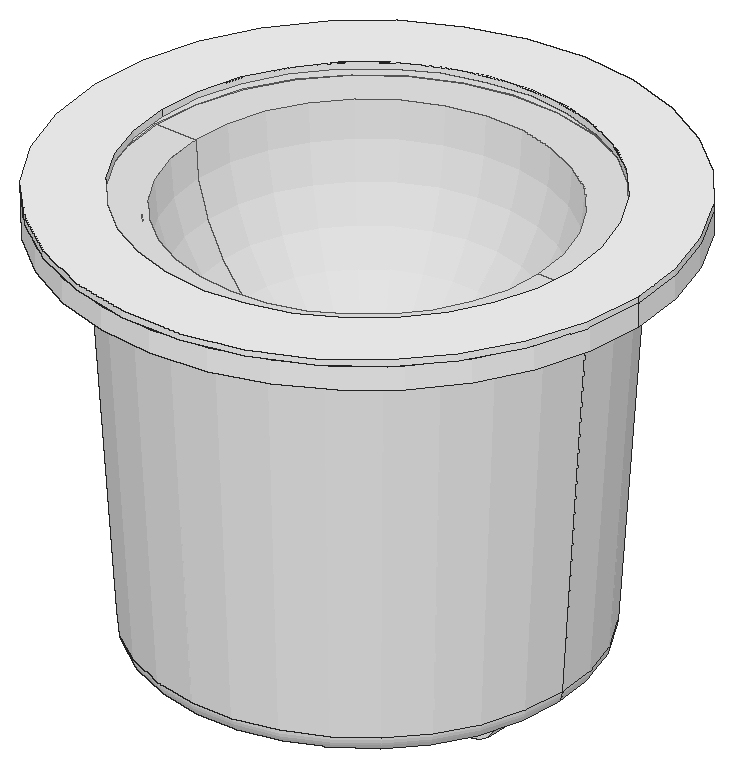
Revit family "2058875 Feilo Sylvania Lighting Fixture MYRD IP FL 3K DALIEM WHT WBEZ", category Lighting Fixtures, host Face, Revit 2017
Family settings
  Host = Face
  Round Connector Dimension = Use Diameter
  Part Type = Normal
  OmniClass Number = 23.80.70.11.17
  OmniClass Title = Specialized Lighting by Location or Use
  Cut with Voids When Loaded = No
  Light Source = Yes
  Shared = No
  Room Calculation Point = No
Parameters
  Weight = "1.44 kg"
  Wattage = 15 W
  WarrantyStartDate [instance] = "n/a"
  WarrantyGuarantorParts = "n/a"
  WarrantyDurationUnit = "n/a"
  WarrantyDurationParts = "n/a"
  WarrantyDescription = "n/a"
  built-in parameter 1150110 = 1 (stored number, unit not read)
  Voltage = 230 V
  URL = "http://www.sylvania-lighting.com"
  TypeName = "MYRD IP FL 3K DALIEM WHT WBEZ"
  Type Image = 0
  Type Comments = ""
  built-in parameter 1114217 = 1 (stored number, unit not read)
  Tilt Angle = -90°
  built-in parameter 1150109 = 1 (stored number, unit not read)
  built-in parameter 1150134 = (empty or 0)
  built-in parameter 1150113 = 1 (stored number, unit not read)
  SerialNumber [instance] = "n/a"
  Reflector Radius = Cutout Diameter / 2 - 2.5 mm  # 35.0 mm
  Reflector Material = Aluminum_Sylvania_Myriad_Bright
  Recessed Depth = Height  # 72.0 mm
  PowerFactor = 0
  PowerConsumption = "15 W"
  Photometric Web File = ""
  NominalWidth = 0.0 mm
  NominalLength = 76.0 mm
  NominalHeight = 72.0 mm
  Name = "MYRD IP FL 3K DALIEM WHT WBEZ"
  ModelReference = "MYRD IP FL 3K DALIEM WHT WBEZ"
  ModelNumber = "2058875"
  Material = "Aluminium"
  ManufacturerName = "Feilo Sylvania"
  LuminousEfficacy = "50 lm/W"
  LuminaireType = "Ceiling recessed"
  LightOutputRatio = "1"
  LampsType = Lamp  # "LED"
  LampNominalLuminous = "790 lm"
  LampMacAdamStep = "n/a"
  LampColourTemperature = "3000 K"
  LampColourRenderingIndex = "n/a"
  Keynote = "16500"
  Keynote_2 = "16500"
  InstallationDate [instance] = "n/a"
  InputVoltage = "230-240V~"
  InputNominalFrequency = "50/60 Hz"
  IngressProtection = "IP65"
  ImpactProtectionIndex = "IK02"
  IfcExportType = "IfcLightFixtureType"
  IfcExportAs = "IfcLightFixtureType"
  Height = 72.0 mm  # constant formula
  ExpectedLife = 50000
  Emit from Circle Diameter = Accessory Inner Diameter 2  # 68.0 mm
  Emit Shape Visible in Rendering = no
  ElectricShockClassification = "Class II"
  DurationUnit = "hours"
  DocumentationLiterature = "http://www.sylvania-lighting.com/product/en-int/products/2058875"
  DimmingControlOptions = "Dimmable"
  Diffuser Material = Glass_Sylvania_Myriad_Clear_4000K
  Diffuser Diameter = Cutout Diameter  # 75.0 mm
  Cutout Diameter = 75.0 mm  # constant formula
  CreatedOn = "03-11-2017"
  CreatedBy = ""
  Cost = 0
  built-in parameter 1114216 [instance] = 1 (stored number, unit not read)
  built-in parameter 1150142 = (empty or 0)
  Model = "MYRD IP FL 3K DALIEM WHT WBEZ"
  Manufacturer = "Feilo Sylvania"  # constant formula
  built-in parameter 1150105 = 59.683 (stored number, unit not read)
  Lumens = 750 lm
  built-in parameter 1150115 = 1 (stored number, unit not read)
  built-in parameter 1150137 = (empty or 0)
  built-in parameter 1150139 = (empty or 0)
  built-in parameter 1150112 = 1 (stored number, unit not read)
  built-in parameter 1150114 = 1 (stored number, unit not read)
  Lamp = "LED"
  built-in parameter 1150132 = (empty or 0)
  built-in parameter 1150102 = (empty or 0)
  built-in parameter 1150107 = 3000 (stored number, unit not read)
  built-in parameter 1150138 = (empty or 0)
  built-in parameter 1150106 = 0.59683 (stored number, unit not read)
  built-in parameter 1150104 = 4.6452 (stored number, unit not read)
  Dimming Lamp Color Temperature Shift = (empty or 0)
  Description = "Supplied complete with electronic control gear Compact Fluorescent low energy downlight Emergency version passes through the cut out Ideal for low level orientation lighting New range of Architectural accessories each providing a different lit dimension New completely flush plaster up accessory ring for clean ceiling lines and smooth finish Order lamp separately"  # constant formula
  Default Elevation = 0.0 mm
  Color Filter = 16777215
  built-in parameter 1140040 [instance] = 1
  Body Radius = Reflector Radius + 1.5 mm  # 36.5 mm
  Body Material = Aluminum_Sylvania_Myriad_Gray
  BarCode [instance] = "n/a"
  built-in parameter 1114218 = 1 (stored number, unit not read)
  built-in parameter 1150133 = 10 (stored number, unit not read)
  AssetType = "Fixed"
  AssetIdentifier [instance] = "n/a"
  Assembly Code = "D5020200"
  Apparent Load = 15 VA
  Accessory Material = Aluminum_Sylvania_Myriad_White
  Accessory Inner Diameter 2 = Accessory Diameter - 22.0 mm  # 68.0 mm
  Accessory Inner Diameter 1 = Accessory Diameter - 2.0 mm  # 88.0 mm
  Accessory Diameter = Cutout Diameter + 15.0 mm  # 90.0 mm
Reference planes
  plane 1 "Center (Front/Back)": y = 0
  plane 2: z = 0
  plane 3 "Center (Left/Right)": x = 0
  plane 4: z = 2
  plane 5 "Fixture Bottom": z = 4.5
  plane 6: z = -28.5
  plane 7: z = -61.5
  plane 8 "Fixture Top": z = -67.5
  plane 9: z = 3.5
Forms (mm)
  Revolve 1, solid, material "Aluminum_Sylvania_Myriad_Bright" <- "Reflector Material", detail levels fine
    sketch origin (0, 0, 0) x (1, 0, 0) y (0, 0, 1)
      loop
        line (0, -27.515) -> (-6, -27.515)
        arc (-6, -27.515) -> (-22.333, -16.632) -> (-28.5, 2) r 30.135
        line (-28.5, 2) -> (-35, 2) -> (-35, 0) -> (-29.184, 0)
        arc (-29.184, 0) -> (-22.423, -18.18) -> (-6, -28.5) r 30.204
        line (-6, -28.5) -> (0, -28.5) -> (0, -27.515)
      axis (0, -28.5) -> (0, 2)
    angle from 0 to 360
  Revolve 2, solid, material "Aluminum_Sylvania_Myriad_Gray" <- "Body Material", detail levels fine
    sketch origin (0, 0, 0) x (1, 0, 0) y (0, 0, 1)
      loop
        line (-44, 2) -> (-44, 0) -> (-36.5, 0) -> (-32.42, -58.708)
        arc (-32.42, -58.708) -> (-31.474, -60.694) -> (-29.428, -61.5) r 3
        line (-29.428, -61.5) -> (0, -61.5) -> (0, -28.5) -> (-6, -28.5)
        arc (-6, -28.5) -> (-22.423, -18.18) -> (-29.184, 0) r 30.204
        line (-29.184, 0) -> (-35, 0) -> (-35, 2) -> (-44, 2)
      axis (0, 2) -> (0, -61.5)
    angle from 0 to 360
  Extrusion 3, solid, material "Aluminum_Sylvania_Myriad_Gray" <- "Body Material", detail levels fine
    sketch origin (0, 0, 0) x (1, 0, 0) y (0, 0, 1)
      loop
        line (-13.5, -67.5) -> (21, -67.5)
        arc (21, -67.5) -> (23.828, -66.328) -> (25, -63.5) r 4
        line (25, -63.5) -> (25, -61.5) -> (-17.5, -61.5) -> (-17.5, -63.5)
        arc (-17.5, -63.5) -> (-16.328, -66.328) -> (-13.5, -67.5) r 4
    from -4.5 to 4.5
  Extrusion 4, solid, material "Aluminum_Sylvania_Myriad_White" <- "Accessory Material", detail levels fine
    sketch origin (0, 0, 0) x (1, 0, 0) y (0, 1, 0)
      loop
        circle (0, 0) r 45
      loop
        circle (0, 0) r 44
    from 0 to 3.5
  Extrusion 5, solid, material "Aluminum_Sylvania_Myriad_White" <- "Accessory Material", detail levels fine
    sketch origin (0, 0, 0) x (1, 0, 0) y (0, 1, 0)
      loop
        circle (0, 0) r 45
      loop
        circle (0, 0) r 34
    from 3.5 to 4.5
  Extrusion 6, solid, material "Aluminum_Sylvania_Myriad_White" <- "Accessory Material", detail levels coarse+medium
    sketch origin (0, 0, 0) x (1, 0, 0) y (0, 1, 0)
      loop
        circle (0, 0) r 45
    from 0 to 4.5
  Revolve 7, solid, detail levels coarse+medium
    sketch origin (0, 0, 0) x (1, 0, 0) y (0, 0, 1)
      loop
        line (36.5, 0) -> (0, 0) -> (0, -61.5) -> (32.226, -61.5) -> (36.5, 0)
      axis (0, 0) -> (0, -61.5)
    angle from 0 to 360
  Extrusion 8, void
    sketch origin (0, 0, 0) x (1, 0, 0) y (0, 1, 0)
      loop
        circle (0, 0) r 37.5
    from -67.5 to 0
  Extrusion 9, solid, material "Glass_Sylvania_Myriad_Clear_4000K" <- "Diffuser Material", detail levels fine
    sketch origin (0, 0, 0) x (1, 0, 0) y (0, 1, 0)
      loop
        circle (0, 0) r 37.5
    from 2 to 3.5
Cuts and joins
  joined: Extrusion 4, Extrusion 5
Lines and regions (mm)
  Masking region 1
    outline origin (0, 0, 0) x (1, 0, 0) y (0, 1, 0)
      loop
        circle (0, 0) r 45
  symbolic lines
    curve 1: arc (-34, 0, 0) -> (0, 34, 0) -> (34, 0, 0) r 34
    curve 2: arc (34, 0, 0) -> (0, -34, 0) -> (-34, 0, 0) r 34
Dimensions and locks
  locked: plane 7 to plane 8 "Fixture Top" at 6
  "Body Radius": Revolve 7 sketch curve to plane 3 "Center (Left/Right)"
  locked: Revolve 7 sketch curve to Revolve 7 sketch curve at 4.274
  plane 5 "Fixture Bottom" to plane 9 to plane 4 to plane 2 to plane 6 = 1.0 mm locked, 1.5 mm locked, 2.0 mm locked, 28.5 mm locked
  "Reflector Radius": Revolve 1 sketch curve to plane 3 "Center (Left/Right)"
  Revolve 1 sketch curve to Revolve 1 sketch curve to Revolve 1 sketch curve to Revolve 1 sketch curve = 6.5 mm locked, 22.5 mm locked, 0.0 mm locked
  "Reflector Radius": plane 3 "Center (Left/Right)" to Revolve 2 sketch curve
  Revolve 2 sketch curve to Revolve 2 sketch curve to Revolve 2 sketch curve = 7.5 mm locked, 1.5 mm locked
  Revolve 2 sketch curve to Revolve 2 sketch curve to Revolve 2 sketch curve = 5.816 mm locked, 23.184 mm locked
  Revolve 2 sketch curve to Revolve 2 sketch curve to Revolve 2 sketch curve = 2.58 mm locked, 2.993 mm locked
  "Accessory Diameter": diameter of Extrusion 4 sketch curve
  "Accessory Inner Diameter 1": diameter of Extrusion 4 sketch curve
  "Accessory Diameter": diameter of Extrusion 5 sketch curve
  "Accessory Diameter": diameter of Extrusion 6 sketch curve
  "Cutout Diameter": diameter of Extrusion 8 sketch curve
  "Accessory Inner Diameter 2": diameter of Extrusion 5 sketch curve
  "Diffuser Diameter": diameter of Extrusion 9 sketch curve
  aligned and locked: plane 2 to host face
  aligned and locked: level to host face
  aligned and locked: plane 1 "Center (Front/Back)" to imposter light
  aligned and locked: plane 3 "Center (Left/Right)" to imposter light
  aligned and locked: Revolve 1 sketch curve to imposter light
  aligned and locked: Extrusion 3 sketch curve to plane 8 "Fixture Top"
  aligned and locked: plane 7 to Extrusion 3 sketch curve
  aligned and locked: Extrusion 4 to plane 2
  aligned and locked: plane 9 to Extrusion 4
  aligned and locked: Extrusion 5 to plane 9
  aligned and locked: plane 5 "Fixture Bottom" to Extrusion 5
  aligned and locked: Extrusion 6 to plane 2
  aligned and locked: plane 5 "Fixture Bottom" to Extrusion 6
  aligned and locked: Extrusion 8 to plane 8 "Fixture Top"
  aligned and locked: plane 2 to Extrusion 8
  aligned and locked: Masking region 1 sketch curve to Extrusion 6  (x2)
  aligned and locked: Extrusion 9 to plane 4
  aligned and locked: plane 9 to Extrusion 9
  aligned and locked: plane 4 to Revolve 2 sketch curve
  aligned and locked: Revolve 2 sketch curve to plane 2
  aligned and locked: curve 1 to cut or joined group of Extrusion 4, Extrusion 5
  aligned and locked: curve 2 to cut or joined group of Extrusion 4, Extrusion 5
  aligned and locked: imposter light to plane 5 "Fixture Bottom"
Automatic sketch dimensions
  host sketch curve to host sketch curve = 1305.563 mm
  host sketch curve to host sketch curve = 1283.632 mm
  Extrusion 3 sketch curve to plane 7 = 2.0 mm
  Extrusion 3 sketch curve to plane 3 "Center (Left/Right)" = 13.5 mm
  plane 3 "Center (Left/Right)" to Extrusion 3 sketch curve = 21.0 mm
  Extrusion 3 sketch curve to Extrusion 3 sketch curve = 4.0 mm
  Revolve 1 sketch curve to level = 0.0 mm
  Revolve 1 sketch curve to plane 3 "Center (Left/Right)" = 0.0 mm
  Revolve 1 sketch curve to plane 6 = 0.0 mm
  Revolve 1 sketch curve to plane 4 = 0.0 mm
  Revolve 1 sketch curve to Revolve 1 sketch curve = 0.684 mm
  level to Revolve 1 sketch curve = 0.88 mm
  Revolve 1 sketch curve to plane 4 = 0.363 mm
  Revolve 1 sketch curve to Revolve 1 sketch curve = 0.625 mm
  Revolve 1 sketch curve to plane 8 "Fixture Top" = 232.8 mm
  plane 5 "Fixture Bottom" to Revolve 1 sketch curve = 291.243 mm
  Revolve 2 sketch curve to plane 3 "Center (Left/Right)" = 0.0 mm  (x2)
  Revolve 2 sketch curve to plane 7 = 0.0 mm
  Revolve 2 sketch curve to plane 6 = 0.0 mm
  Revolve 2 sketch curve to level = 0.0 mm
  level to Revolve 2 sketch curve = 0.88 mm
  plane 7 to Revolve 2 sketch curve = 2.792 mm
  Revolve 2 sketch curve to plane 8 "Fixture Top" = 304.774 mm
  plane 5 "Fixture Bottom" to Revolve 2 sketch curve = 1137.105 mm
  Extrusion 4 sketch curve to Extrusion 4 sketch curve = 0.0 mm  (x2)
  plane 1 "Center (Front/Back)" to Extrusion 4 sketch curve = 0.0 mm
  Extrusion 4 sketch curve to plane 3 "Center (Left/Right)" = 0.0 mm
  Extrusion 5 sketch curve to Extrusion 5 sketch curve = 0.0 mm  (x2)
  plane 1 "Center (Front/Back)" to Extrusion 5 sketch curve = 0.0 mm
  Extrusion 5 sketch curve to plane 3 "Center (Left/Right)" = 0.0 mm
  plane 1 "Center (Front/Back)" to Extrusion 6 sketch curve = 0.0 mm
  Extrusion 6 sketch curve to plane 3 "Center (Left/Right)" = 0.0 mm
  Revolve 7 sketch curve to level = 0.0 mm
  Revolve 7 sketch curve to plane 3 "Center (Left/Right)" = 0.0 mm  (x2)
  Revolve 7 sketch curve to plane 7 = 0.0 mm
  Revolve 7 sketch curve to plane 8 "Fixture Top" = 304.774 mm
  plane 5 "Fixture Bottom" to Revolve 7 sketch curve = 43.226 mm
  plane 1 "Center (Front/Back)" to Extrusion 8 sketch curve = 0.0 mm
  Extrusion 8 sketch curve to plane 3 "Center (Left/Right)" = 0.0 mm
  plane 1 "Center (Front/Back)" to Extrusion 9 sketch curve = 0.0 mm
  Extrusion 9 sketch curve to plane 3 "Center (Left/Right)" = 0.0 mm
Connectors
  electrical at (-0.006, -0.019, -67.5), driven by "Apparent Load", driven by "Apparent Load"
    settings: on plane 8 "Fixture Top", index 1, voltage 230 V, apparent load 15 VA, apparent load phase1 15 VA, apparent load phase2 0 VA, apparent load phase3 0 VA, power factor 1, load classification "Lighting", number of poles 1, system type 30, power factor state 1, is connector primary yes, connector utility no, sub classification motor no, connector description ""
